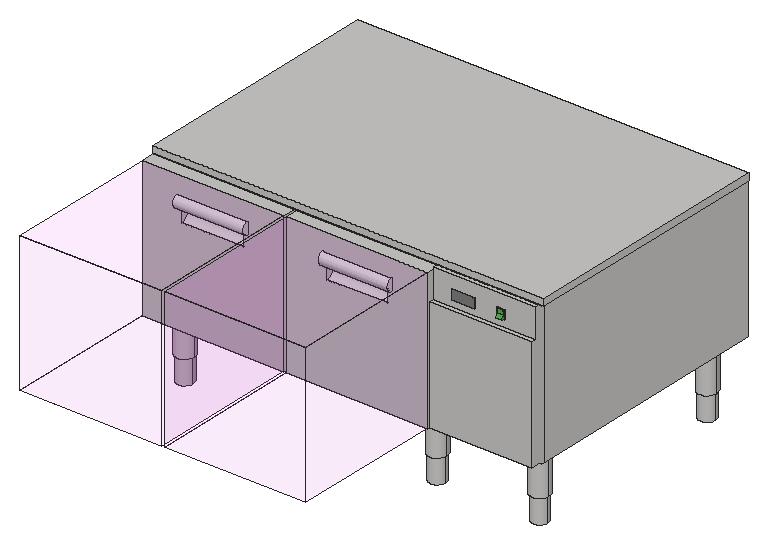
Revit family "QF_ZANUSSI_392602_Z9TTAECOMIN", category Specialty Equipment, Revit 2021
Family settings
  Round Connector Dimension = Use Diameter
  Part Type = Normal
  Work Plane-Based = No
  Always vertical = Yes
  Cut with Voids When Loaded = No
  Shared = No
  Room Calculation Point = No
Parameters (values of type "Standard")
  Weight = 114.00 kg
  Watts = 0 W
  Volts = 220 V
  URL Manufacturer = "http://www.zanussiprofessional.com"
  URL = "http://www.zanussiprofessional.com"
  Steam Supply Size = 0 mm
  Steam Supply Minimum Pressure = 0.0 Pa
  Steam Supply Maximum Pressure = 0.0 Pa
  Steam Pounds per Hour = 0
  Show Clearance [instance] = yes
  Refrigeration Suction Line Size = 0 mm
  Refrigeration Liquid Line Size = 0 mm
  Refrigerant Compressor Remote = yes
  Manufacturer = "Zanussi"
  Phase = 1
  Model = "Z9TTAECOMIN"
  Length Actual = 1200 mm
  Item Number = "392602"
  Hot Water Size = 0 mm
  Height Actual = 600 mm
  HP = "0.6 HP"
  Gas Size = 0 mm
  Gas KW = 0
  Gas Input Pressure = 0 W
  Direct Waste Size = 0 mm
  Description = "REFRIGERATED BASE WITH 2 DRAWERS 1200MM - R290"
  Depth Actual = 830 mm
  Default Elevation = 0 mm
  Cycle = 50 Hz
  Condensate Return Size = 0 mm
  Compressed Air Volume = 0.0 L/s
  Compressed Air Size = 0 mm
  Compressed Air Pressure = 0.0 Pa
  Cold Water Size = 0 mm
  Accessory = no
Reference planes
  plane 1 "Center X": y = 0.45
  plane 2: z = 0
  plane 3 "Centro (Sinistra/Destra)": x = 0
  plane 4: y = -315.05
  plane 5: y = 326.95
  plane 6 "BACK": y = 414.95
  plane 7 "FRONT": y = -414.05
  plane 8: y = -881.83
  plane 9: x = -544
  plane 10: x = 544
  plane 11: y = -369.551
  plane 12: x = 230
  plane 13: z = 200
  plane 14 "TOP": z = 630
  plane 15 "LEFT": x = -600
  plane 16 "RIGHT": x = 600
Forms (mm)
  Extrusion 1, solid, material "QF_Finishes_Stainless Steel"
    sketch origin (-1022.223, -1524, 200) x (-1, 0, 0) y (0, -1, 0)
      loop
        line (-423.223, -1938.95) -> (-423.223, -1154.449) -> (-1621.223, -1154.449) -> (-1621.223, -1938.95) -> (-423.223, -1938.95)
    from 0 to 430
  Extrusion 2, solid, material "QF_Finishes_Stainless Steel"
    sketch origin (599, 0, 0) x (0, 1, 0) y (0, 0, 1)
      loop
        line (-369.551, 629.527) -> (-386.314, 640.994) -> (-397.65, 640.994) -> (-397.65, 549.796) -> (-414.05, 549.796) -> (-414.05, 204.796) -> (-384.714, 204.796) -> (-374.993, 200) -> (-369.551, 200) -> (-369.551, 629.527)
    from 0 to -313
  Extrusion 3, solid, material "QF_Finishes_Black"
    sketch origin (567.8, -397.65, 630.994) x (0, 0, -1) y (1, 0, 0)
      loop
        line (32.198, -86.899) -> (61.199, -86.899) -> (61.199, -64.9) -> (32.198, -64.9) -> (32.198, -86.899)
    from 0 to 1.6
  Extrusion 4, solid, material "QF_Finishes_Grey"
    sketch origin (589, -397.65, 630.994) x (0, 0, -1) y (1, 0, 0)
      loop
        line (32.198, -248.099) -> (61.199, -248.099) -> (61.199, -178.099) -> (32.198, -178.099) -> (32.198, -248.099)
    from 0 to 1.6
  Extrusion 5, solid, material "QF_Finishes_Green"
    sketch origin (502.9, -397.65, 598.796) x (0, 0, -1) y (0, 1, 0)
      loop
        line (2.279, -3.281) -> (14.5, -3.281) -> (25.308, -8.985)
        arc (25.308, -8.985) -> (26.537, -5.394) -> (26.605, -1.6) r 12.221
        line (26.605, -1.6) -> (2.395, -1.6)
        arc (2.395, -1.6) -> (2.308, -2.439) -> (2.279, -3.281) r 12.221
    from -20 to -2
  Extrusion 6, solid, material "QF_Finishes_Stainless Steel"
    sketch origin (-1022.223, -1524, 200) x (-1, 0, 0) y (0, -1, 0)
      loop
        circle (-1581.223, -1748.95) r 12
    from -10 to 0
  Extrusion 7, solid, material "QF_Finishes_Stainless Steel"
    sketch origin (-599, 0, -5) x (0, 1, 0) y (0, 0, 1)
      loop
        line (-369.551, 635) -> (414.95, 635) -> (414.95, 655) -> (-369.551, 655) -> (-369.551, 635)
    from 1198 to 0
  Extrusion 8, solid, material "QF_Finishes_Handrails and Railings"
    sketch origin (-394.028, -157.946, 1924.198) x (0, 0.885087, 0.465426) y (0, -0.465426, 0.885087)
      loop
        arc (-854.629, -1074.965) -> (-878.641, -1082.427) -> (-871.18, -1106.439) r 17.78
        line (-871.18, -1106.439) -> (-854.629, -1074.965)
    from -93.472 to 121.528
  Extrusion 9, solid, material "QF_Finishes_Stainless Steel"
    sketch origin (-594.053, 285.95, 14.715) x (0, 1, 0) y (0, 0, 1)
      loop
        line (-700, 486.991) -> (-660.001, 486.991) -> (-660.001, 530.285) -> (-678.147, 530.285) -> (-678.147, 511.464)
        arc (-678.147, 511.464) -> (-684.405, 495.059) -> (-700, 486.991) r 24.63
    from 118.753 to 309.354
  Extrusion 10, solid, material "QF_Finishes_Handrails and Railings"
    sketch origin (47.972, -157.946, 1924.198) x (0, 0.885087, 0.465426) y (0, -0.465426, 0.885087)
      loop
        arc (-854.629, -1074.965) -> (-878.641, -1082.427) -> (-871.18, -1106.439) r 17.78
        line (-871.18, -1106.439) -> (-854.629, -1074.965)
    from -89.472 to 121.528
  Extrusion 11, solid, material "QF_Finishes_Stainless Steel"
    sketch origin (-152.053, 285.95, 14.715) x (0, 1, 0) y (0, 0, 1)
      loop
        line (-700, 486.991) -> (-660.001, 486.991) -> (-660.001, 530.285) -> (-678.147, 530.285) -> (-678.147, 511.464)
        arc (-678.147, 511.464) -> (-684.405, 495.059) -> (-700, 486.991) r 24.63
    from 122.753 to 309.354
  Extrusion 12, solid, material "QF_Door-Drawer Clearances", visible <- "Show Clearance"
    sketch origin (200, -414.05, 0) x (1, 0, 0) y (0, 0, 1)
      loop
        line (-795, 629.2) -> (-795, 201.587) -> (-360.999, 201.587) -> (-360.999, 629.2) -> (-795, 629.2)
      loop
        line (-353, 629.2) -> (-353, 201.587) -> (81, 201.587) -> (81, 629.2) -> (-353, 629.2)
    from 0 to 467.78
  Extrusion 13, solid, material "QF_Finishes_Stainless Steel"
    sketch origin (0, -414.05, 0) x (-1, 0, 0) y (0, 0, 1)
      loop
        line (595, 629.2) -> (160.999, 629.2) -> (160.999, 201.587) -> (595, 201.587) -> (595, 629.2)
      loop
        line (153, 629.2) -> (-281, 629.2) -> (-281, 201.587) -> (153, 201.587) -> (153, 629.2)
      loop
        line (475.3, 501.706) -> (475.3, 545) -> (284.699, 545) -> (284.699, 501.706) -> (475.3, 501.706)
      loop
        line (29.3, 501.706) -> (29.3, 545) -> (-157.301, 545) -> (-157.301, 501.706) -> (29.3, 501.706)
    from 0 to 40
Lines and regions (mm)
  Split face 1
    outline origin (589, -399.25, 630.994) x (0, 0, -1) y (1, 0, 0)
      loop
        line (37.198, -238.099) -> (52.198, -238.099) -> (52.198, -188.099) -> (37.198, -188.099) -> (37.198, -238.099)
  Split face 2
    outline origin (589, -399.25, 630.994) x (0, 0, -1) y (1, 0, 0)
      loop
        line (59.151, -238.099) -> (59.151, -227.099) -> (54.151, -227.099) -> (54.151, -238.099) -> (59.151, -238.099)
  Split face 3
    outline origin (589, -399.25, 630.994) x (0, 0, -1) y (1, 0, 0)
      loop
        line (54.151, -225.099) -> (59.151, -225.099) -> (59.151, -214.099) -> (54.151, -214.099) -> (54.151, -225.099)
  Split face 4
    outline origin (602, -399.25, 630.994) x (0, 0, -1) y (1, 0, 0)
      loop
        line (54.151, -225.099) -> (59.151, -225.099) -> (59.151, -214.099) -> (54.151, -214.099) -> (54.151, -225.099)
  Split face 5
    outline origin (615, -399.25, 630.994) x (0, 0, -1) y (1, 0, 0)
      loop
        line (54.151, -225.099) -> (59.151, -225.099) -> (59.151, -214.099) -> (54.151, -214.099) -> (54.151, -225.099)
  Split face 6
    outline origin (296, -414.05, 713.499) x (1, 0, 0) y (0, 0, 1)
      loop
        arc (52.48, -282.599) -> (56.5, -278.61) -> (52.5, -274.599) r 4
        line (52.5, -274.599) -> (20.5, -274.599)
        arc (20.5, -274.599) -> (16.5, -278.61) -> (20.521, -282.599) r 4
        line (20.521, -282.599) -> (52.48, -282.599)
  Split face 7
    outline origin (296, -414.05, 725.499) x (1, 0, 0) y (0, 0, 1)
      loop
        arc (52.48, -282.599) -> (56.5, -278.61) -> (52.5, -274.599) r 4
        line (52.5, -274.599) -> (20.5, -274.599)
        arc (20.5, -274.599) -> (16.5, -278.61) -> (20.521, -282.599) r 4
        line (20.521, -282.599) -> (52.48, -282.599)
  Split face 8
    outline origin (296, -414.05, 737.499) x (1, 0, 0) y (0, 0, 1)
      loop
        arc (52.48, -282.599) -> (56.5, -278.61) -> (52.5, -274.599) r 4
        line (52.5, -274.599) -> (20.5, -274.599)
        arc (20.5, -274.599) -> (16.5, -278.61) -> (20.521, -282.599) r 4
        line (20.521, -282.599) -> (52.48, -282.599)
  Split face 9
    outline origin (296, -414.05, 749.396) x (1, 0, 0) y (0, 0, 1)
      loop
        arc (52.48, -282.599) -> (56.5, -278.61) -> (52.5, -274.599) r 4
        line (52.5, -274.599) -> (20.5, -274.599)
        arc (20.5, -274.599) -> (16.5, -278.61) -> (20.521, -282.599) r 4
        line (20.521, -282.599) -> (52.48, -282.599)
  Split face 10
    outline origin (296, -414.05, 761.395) x (1, 0, 0) y (0, 0, 1)
      loop
        arc (52.48, -282.599) -> (56.5, -278.61) -> (52.5, -274.599) r 4
        line (52.5, -274.599) -> (20.5, -274.599)
        arc (20.5, -274.599) -> (16.5, -278.61) -> (20.521, -282.599) r 4
        line (20.521, -282.599) -> (52.48, -282.599)
  Split face 11
    outline origin (296, -414.05, 773.395) x (1, 0, 0) y (0, 0, 1)
      loop
        arc (52.48, -282.599) -> (56.5, -278.61) -> (52.5, -274.599) r 4
        line (52.5, -274.599) -> (20.5, -274.599)
        arc (20.5, -274.599) -> (16.5, -278.61) -> (20.521, -282.599) r 4
        line (20.521, -282.599) -> (52.48, -282.599)
  Split face 12
    outline origin (296, -414.05, 785.395) x (1, 0, 0) y (0, 0, 1)
      loop
        arc (52.48, -282.599) -> (56.5, -278.61) -> (52.5, -274.599) r 4
        line (52.5, -274.599) -> (20.5, -274.599)
        arc (20.5, -274.599) -> (16.5, -278.61) -> (20.521, -282.599) r 4
        line (20.521, -282.599) -> (52.48, -282.599)
  Split face 13
    outline origin (296, -414.05, 797.395) x (1, 0, 0) y (0, 0, 1)
      loop
        arc (52.48, -282.599) -> (56.5, -278.61) -> (52.5, -274.599) r 4
        line (52.5, -274.599) -> (20.5, -274.599)
        arc (20.5, -274.599) -> (16.5, -278.61) -> (20.521, -282.599) r 4
        line (20.521, -282.599) -> (52.48, -282.599)
  Split face 14
    outline origin (296, -414.05, 809.395) x (1, 0, 0) y (0, 0, 1)
      loop
        arc (52.48, -282.599) -> (56.5, -278.61) -> (52.5, -274.599) r 4
        line (52.5, -274.599) -> (20.5, -274.599)
        arc (20.5, -274.599) -> (16.5, -278.61) -> (20.521, -282.599) r 4
        line (20.521, -282.599) -> (52.48, -282.599)
  Split face 15
    outline origin (296, -414.05, 701.499) x (1, 0, 0) y (0, 0, 1)
      loop
        arc (52.48, -282.599) -> (56.5, -278.61) -> (52.5, -274.599) r 4
        line (52.5, -274.599) -> (20.5, -274.599)
        arc (20.5, -274.599) -> (16.5, -278.61) -> (20.521, -282.599) r 4
        line (20.521, -282.599) -> (52.48, -282.599)
  Split face 16
    outline origin (296, -414.05, 605.603) x (1, 0, 0) y (0, 0, 1)
      loop
        arc (52.48, -282.599) -> (56.5, -278.61) -> (52.5, -274.599) r 4
        line (52.5, -274.599) -> (20.5, -274.599)
        arc (20.5, -274.599) -> (16.5, -278.61) -> (20.521, -282.599) r 4
        line (20.521, -282.599) -> (52.48, -282.599)
  Split face 17
    outline origin (296, -414.05, 617.603) x (1, 0, 0) y (0, 0, 1)
      loop
        arc (52.48, -282.599) -> (56.5, -278.61) -> (52.5, -274.599) r 4
        line (52.5, -274.599) -> (20.5, -274.599)
        arc (20.5, -274.599) -> (16.5, -278.61) -> (20.521, -282.599) r 4
        line (20.521, -282.599) -> (52.48, -282.599)
  Split face 18
    outline origin (296, -414.05, 629.602) x (1, 0, 0) y (0, 0, 1)
      loop
        arc (52.48, -282.599) -> (56.5, -278.61) -> (52.5, -274.599) r 4
        line (52.5, -274.599) -> (20.5, -274.599)
        arc (20.5, -274.599) -> (16.5, -278.61) -> (20.521, -282.599) r 4
        line (20.521, -282.599) -> (52.48, -282.599)
  Split face 19
    outline origin (296, -414.05, 677.499) x (1, 0, 0) y (0, 0, 1)
      loop
        arc (52.48, -282.599) -> (56.5, -278.61) -> (52.5, -274.599) r 4
        line (52.5, -274.599) -> (20.5, -274.599)
        arc (20.5, -274.599) -> (16.5, -278.61) -> (20.521, -282.599) r 4
        line (20.521, -282.599) -> (52.48, -282.599)
  Split face 20
    outline origin (296, -414.05, 689.499) x (1, 0, 0) y (0, 0, 1)
      loop
        arc (52.48, -282.599) -> (56.5, -278.61) -> (52.5, -274.599) r 4
        line (52.5, -274.599) -> (20.5, -274.599)
        arc (20.5, -274.599) -> (16.5, -278.61) -> (20.521, -282.599) r 4
        line (20.521, -282.599) -> (52.48, -282.599)
  Split face 21
    outline origin (296, -414.05, 593.603) x (1, 0, 0) y (0, 0, 1)
      loop
        arc (52.48, -282.599) -> (56.5, -278.61) -> (52.5, -274.599) r 4
        line (52.5, -274.599) -> (20.5, -274.599)
        arc (20.5, -274.599) -> (16.5, -278.61) -> (20.521, -282.599) r 4
        line (20.521, -282.599) -> (52.48, -282.599)
  Split face 22
    outline origin (296, -414.05, 497.707) x (1, 0, 0) y (0, 0, 1)
      loop
        arc (52.48, -282.599) -> (56.5, -278.61) -> (52.5, -274.599) r 4
        line (52.5, -274.599) -> (20.5, -274.599)
        arc (20.5, -274.599) -> (16.5, -278.61) -> (20.521, -282.599) r 4
        line (20.521, -282.599) -> (52.48, -282.599)
  Split face 23
    outline origin (296, -414.05, 509.707) x (1, 0, 0) y (0, 0, 1)
      loop
        arc (52.48, -282.599) -> (56.5, -278.61) -> (52.5, -274.599) r 4
        line (52.5, -274.599) -> (20.5, -274.599)
        arc (20.5, -274.599) -> (16.5, -278.61) -> (20.521, -282.599) r 4
        line (20.521, -282.599) -> (52.48, -282.599)
  Split face 24
    outline origin (296, -414.05, 521.706) x (1, 0, 0) y (0, 0, 1)
      loop
        arc (52.48, -282.599) -> (56.5, -278.61) -> (52.5, -274.599) r 4
        line (52.5, -274.599) -> (20.5, -274.599)
        arc (20.5, -274.599) -> (16.5, -278.61) -> (20.521, -282.599) r 4
        line (20.521, -282.599) -> (52.48, -282.599)
  Split face 25
    outline origin (296, -414.05, 533.604) x (1, 0, 0) y (0, 0, 1)
      loop
        arc (52.48, -282.599) -> (56.5, -278.61) -> (52.5, -274.599) r 4
        line (52.5, -274.599) -> (20.5, -274.599)
        arc (20.5, -274.599) -> (16.5, -278.61) -> (20.521, -282.599) r 4
        line (20.521, -282.599) -> (52.48, -282.599)
  Split face 26
    outline origin (296, -414.05, 545.603) x (1, 0, 0) y (0, 0, 1)
      loop
        arc (52.48, -282.599) -> (56.5, -278.61) -> (52.5, -274.599) r 4
        line (52.5, -274.599) -> (20.5, -274.599)
        arc (20.5, -274.599) -> (16.5, -278.61) -> (20.521, -282.599) r 4
        line (20.521, -282.599) -> (52.48, -282.599)
  Split face 27
    outline origin (296, -414.05, 557.603) x (1, 0, 0) y (0, 0, 1)
      loop
        arc (52.48, -282.599) -> (56.5, -278.61) -> (52.5, -274.599) r 4
        line (52.5, -274.599) -> (20.5, -274.599)
        arc (20.5, -274.599) -> (16.5, -278.61) -> (20.521, -282.599) r 4
        line (20.521, -282.599) -> (52.48, -282.599)
  Split face 28
    outline origin (296, -414.05, 569.603) x (1, 0, 0) y (0, 0, 1)
      loop
        arc (52.48, -282.599) -> (56.5, -278.61) -> (52.5, -274.599) r 4
        line (52.5, -274.599) -> (20.5, -274.599)
        arc (20.5, -274.599) -> (16.5, -278.61) -> (20.521, -282.599) r 4
        line (20.521, -282.599) -> (52.48, -282.599)
  Split face 29
    outline origin (296, -414.05, 581.603) x (1, 0, 0) y (0, 0, 1)
      loop
        arc (52.48, -282.599) -> (56.5, -278.61) -> (52.5, -274.599) r 4
        line (52.5, -274.599) -> (20.5, -274.599)
        arc (20.5, -274.599) -> (16.5, -278.61) -> (20.521, -282.599) r 4
        line (20.521, -282.599) -> (52.48, -282.599)
  Split face 30
    outline origin (351, -414.05, 713.499) x (1, 0, 0) y (0, 0, 1)
      loop
        arc (52.48, -282.599) -> (56.5, -278.61) -> (52.5, -274.599) r 4
        line (52.5, -274.599) -> (20.5, -274.599)
        arc (20.5, -274.599) -> (16.5, -278.61) -> (20.521, -282.599) r 4
        line (20.521, -282.599) -> (52.48, -282.599)
  Split face 31
    outline origin (351, -414.05, 725.499) x (1, 0, 0) y (0, 0, 1)
      loop
        arc (52.48, -282.599) -> (56.5, -278.61) -> (52.5, -274.599) r 4
        line (52.5, -274.599) -> (20.5, -274.599)
        arc (20.5, -274.599) -> (16.5, -278.61) -> (20.521, -282.599) r 4
        line (20.521, -282.599) -> (52.48, -282.599)
  Split face 32
    outline origin (351, -414.05, 737.499) x (1, 0, 0) y (0, 0, 1)
      loop
        arc (52.48, -282.599) -> (56.5, -278.61) -> (52.5, -274.599) r 4
        line (52.5, -274.599) -> (20.5, -274.599)
        arc (20.5, -274.599) -> (16.5, -278.61) -> (20.521, -282.599) r 4
        line (20.521, -282.599) -> (52.48, -282.599)
  Split face 33
    outline origin (351, -414.05, 749.396) x (1, 0, 0) y (0, 0, 1)
      loop
        arc (52.48, -282.599) -> (56.5, -278.61) -> (52.5, -274.599) r 4
        line (52.5, -274.599) -> (20.5, -274.599)
        arc (20.5, -274.599) -> (16.5, -278.61) -> (20.521, -282.599) r 4
        line (20.521, -282.599) -> (52.48, -282.599)
  Split face 34
    outline origin (351, -414.05, 761.395) x (1, 0, 0) y (0, 0, 1)
      loop
        arc (52.48, -282.599) -> (56.5, -278.61) -> (52.5, -274.599) r 4
        line (52.5, -274.599) -> (20.5, -274.599)
        arc (20.5, -274.599) -> (16.5, -278.61) -> (20.521, -282.599) r 4
        line (20.521, -282.599) -> (52.48, -282.599)
  Split face 35
    outline origin (351, -414.05, 773.395) x (1, 0, 0) y (0, 0, 1)
      loop
        arc (52.48, -282.599) -> (56.5, -278.61) -> (52.5, -274.599) r 4
        line (52.5, -274.599) -> (20.5, -274.599)
        arc (20.5, -274.599) -> (16.5, -278.61) -> (20.521, -282.599) r 4
        line (20.521, -282.599) -> (52.48, -282.599)
  Split face 36
    outline origin (351, -414.05, 785.395) x (1, 0, 0) y (0, 0, 1)
      loop
        arc (52.48, -282.599) -> (56.5, -278.61) -> (52.5, -274.599) r 4
        line (52.5, -274.599) -> (20.5, -274.599)
        arc (20.5, -274.599) -> (16.5, -278.61) -> (20.521, -282.599) r 4
        line (20.521, -282.599) -> (52.48, -282.599)
  Split face 37
    outline origin (351, -414.05, 797.395) x (1, 0, 0) y (0, 0, 1)
      loop
        arc (52.48, -282.599) -> (56.5, -278.61) -> (52.5, -274.599) r 4
        line (52.5, -274.599) -> (20.5, -274.599)
        arc (20.5, -274.599) -> (16.5, -278.61) -> (20.521, -282.599) r 4
        line (20.521, -282.599) -> (52.48, -282.599)
  Split face 38
    outline origin (351, -414.05, 809.395) x (1, 0, 0) y (0, 0, 1)
      loop
        arc (52.48, -282.599) -> (56.5, -278.61) -> (52.5, -274.599) r 4
        line (52.5, -274.599) -> (20.5, -274.599)
        arc (20.5, -274.599) -> (16.5, -278.61) -> (20.521, -282.599) r 4
        line (20.521, -282.599) -> (52.48, -282.599)
  Split face 39
    outline origin (351, -414.05, 701.499) x (1, 0, 0) y (0, 0, 1)
      loop
        arc (52.48, -282.599) -> (56.5, -278.61) -> (52.5, -274.599) r 4
        line (52.5, -274.599) -> (20.5, -274.599)
        arc (20.5, -274.599) -> (16.5, -278.61) -> (20.521, -282.599) r 4
        line (20.521, -282.599) -> (52.48, -282.599)
  Split face 40
    outline origin (351, -414.05, 605.603) x (1, 0, 0) y (0, 0, 1)
      loop
        arc (52.48, -282.599) -> (56.5, -278.61) -> (52.5, -274.599) r 4
        line (52.5, -274.599) -> (20.5, -274.599)
        arc (20.5, -274.599) -> (16.5, -278.61) -> (20.521, -282.599) r 4
        line (20.521, -282.599) -> (52.48, -282.599)
  Split face 41
    outline origin (351, -414.05, 617.603) x (1, 0, 0) y (0, 0, 1)
      loop
        arc (52.48, -282.599) -> (56.5, -278.61) -> (52.5, -274.599) r 4
        line (52.5, -274.599) -> (20.5, -274.599)
        arc (20.5, -274.599) -> (16.5, -278.61) -> (20.521, -282.599) r 4
        line (20.521, -282.599) -> (52.48, -282.599)
  Split face 42
    outline origin (351, -414.05, 629.602) x (1, 0, 0) y (0, 0, 1)
      loop
        arc (52.48, -282.599) -> (56.5, -278.61) -> (52.5, -274.599) r 4
        line (52.5, -274.599) -> (20.5, -274.599)
        arc (20.5, -274.599) -> (16.5, -278.61) -> (20.521, -282.599) r 4
        line (20.521, -282.599) -> (52.48, -282.599)
  Split face 43
    outline origin (351, -414.05, 677.499) x (1, 0, 0) y (0, 0, 1)
      loop
        arc (52.48, -282.599) -> (56.5, -278.61) -> (52.5, -274.599) r 4
        line (52.5, -274.599) -> (20.5, -274.599)
        arc (20.5, -274.599) -> (16.5, -278.61) -> (20.521, -282.599) r 4
        line (20.521, -282.599) -> (52.48, -282.599)
  Split face 44
    outline origin (351, -414.05, 689.499) x (1, 0, 0) y (0, 0, 1)
      loop
        arc (52.48, -282.599) -> (56.5, -278.61) -> (52.5, -274.599) r 4
        line (52.5, -274.599) -> (20.5, -274.599)
        arc (20.5, -274.599) -> (16.5, -278.61) -> (20.521, -282.599) r 4
        line (20.521, -282.599) -> (52.48, -282.599)
  Split face 45
    outline origin (351, -414.05, 593.603) x (1, 0, 0) y (0, 0, 1)
      loop
        arc (52.48, -282.599) -> (56.5, -278.61) -> (52.5, -274.599) r 4
        line (52.5, -274.599) -> (20.5, -274.599)
        arc (20.5, -274.599) -> (16.5, -278.61) -> (20.521, -282.599) r 4
        line (20.521, -282.599) -> (52.48, -282.599)
  Split face 46
    outline origin (351, -414.05, 497.707) x (1, 0, 0) y (0, 0, 1)
      loop
        arc (52.48, -282.599) -> (56.5, -278.61) -> (52.5, -274.599) r 4
        line (52.5, -274.599) -> (20.5, -274.599)
        arc (20.5, -274.599) -> (16.5, -278.61) -> (20.521, -282.599) r 4
        line (20.521, -282.599) -> (52.48, -282.599)
  Split face 47
    outline origin (351, -414.05, 509.707) x (1, 0, 0) y (0, 0, 1)
      loop
        arc (52.48, -282.599) -> (56.5, -278.61) -> (52.5, -274.599) r 4
        line (52.5, -274.599) -> (20.5, -274.599)
        arc (20.5, -274.599) -> (16.5, -278.61) -> (20.521, -282.599) r 4
        line (20.521, -282.599) -> (52.48, -282.599)
  Split face 48
    outline origin (351, -414.05, 521.706) x (1, 0, 0) y (0, 0, 1)
      loop
        arc (52.48, -282.599) -> (56.5, -278.61) -> (52.5, -274.599) r 4
        line (52.5, -274.599) -> (20.5, -274.599)
        arc (20.5, -274.599) -> (16.5, -278.61) -> (20.521, -282.599) r 4
        line (20.521, -282.599) -> (52.48, -282.599)
  Split face 49
    outline origin (351, -414.05, 533.604) x (1, 0, 0) y (0, 0, 1)
      loop
        arc (52.48, -282.599) -> (56.5, -278.61) -> (52.5, -274.599) r 4
        line (52.5, -274.599) -> (20.5, -274.599)
        arc (20.5, -274.599) -> (16.5, -278.61) -> (20.521, -282.599) r 4
        line (20.521, -282.599) -> (52.48, -282.599)
  Split face 50
    outline origin (351, -414.05, 545.603) x (1, 0, 0) y (0, 0, 1)
      loop
        arc (52.48, -282.599) -> (56.5, -278.61) -> (52.5, -274.599) r 4
        line (52.5, -274.599) -> (20.5, -274.599)
        arc (20.5, -274.599) -> (16.5, -278.61) -> (20.521, -282.599) r 4
        line (20.521, -282.599) -> (52.48, -282.599)
  Split face 51
    outline origin (351, -414.05, 557.603) x (1, 0, 0) y (0, 0, 1)
      loop
        arc (52.48, -282.599) -> (56.5, -278.61) -> (52.5, -274.599) r 4
        line (52.5, -274.599) -> (20.5, -274.599)
        arc (20.5, -274.599) -> (16.5, -278.61) -> (20.521, -282.599) r 4
        line (20.521, -282.599) -> (52.48, -282.599)
  Split face 52
    outline origin (351, -414.05, 569.603) x (1, 0, 0) y (0, 0, 1)
      loop
        arc (52.48, -282.599) -> (56.5, -278.61) -> (52.5, -274.599) r 4
        line (52.5, -274.599) -> (20.5, -274.599)
        arc (20.5, -274.599) -> (16.5, -278.61) -> (20.521, -282.599) r 4
        line (20.521, -282.599) -> (52.48, -282.599)
  Split face 53
    outline origin (351, -414.05, 581.603) x (1, 0, 0) y (0, 0, 1)
      loop
        arc (52.48, -282.599) -> (56.5, -278.61) -> (52.5, -274.599) r 4
        line (52.5, -274.599) -> (20.5, -274.599)
        arc (20.5, -274.599) -> (16.5, -278.61) -> (20.521, -282.599) r 4
        line (20.521, -282.599) -> (52.48, -282.599)
  Split face 54
    outline origin (406, -414.05, 713.499) x (1, 0, 0) y (0, 0, 1)
      loop
        arc (52.48, -282.599) -> (56.5, -278.61) -> (52.5, -274.599) r 4
        line (52.5, -274.599) -> (20.5, -274.599)
        arc (20.5, -274.599) -> (16.5, -278.61) -> (20.521, -282.599) r 4
        line (20.521, -282.599) -> (52.48, -282.599)
  Split face 55
    outline origin (406, -414.05, 725.499) x (1, 0, 0) y (0, 0, 1)
      loop
        arc (52.48, -282.599) -> (56.5, -278.61) -> (52.5, -274.599) r 4
        line (52.5, -274.599) -> (20.5, -274.599)
        arc (20.5, -274.599) -> (16.5, -278.61) -> (20.521, -282.599) r 4
        line (20.521, -282.599) -> (52.48, -282.599)
  Split face 56
    outline origin (406, -414.05, 737.499) x (1, 0, 0) y (0, 0, 1)
      loop
        arc (52.48, -282.599) -> (56.5, -278.61) -> (52.5, -274.599) r 4
        line (52.5, -274.599) -> (20.5, -274.599)
        arc (20.5, -274.599) -> (16.5, -278.61) -> (20.521, -282.599) r 4
        line (20.521, -282.599) -> (52.48, -282.599)
  Split face 57
    outline origin (406, -414.05, 749.396) x (1, 0, 0) y (0, 0, 1)
      loop
        arc (52.48, -282.599) -> (56.5, -278.61) -> (52.5, -274.599) r 4
        line (52.5, -274.599) -> (20.5, -274.599)
        arc (20.5, -274.599) -> (16.5, -278.61) -> (20.521, -282.599) r 4
        line (20.521, -282.599) -> (52.48, -282.599)
  Split face 58
    outline origin (406, -414.05, 761.395) x (1, 0, 0) y (0, 0, 1)
      loop
        arc (52.48, -282.599) -> (56.5, -278.61) -> (52.5, -274.599) r 4
        line (52.5, -274.599) -> (20.5, -274.599)
        arc (20.5, -274.599) -> (16.5, -278.61) -> (20.521, -282.599) r 4
        line (20.521, -282.599) -> (52.48, -282.599)
  Split face 59
    outline origin (406, -414.05, 773.395) x (1, 0, 0) y (0, 0, 1)
      loop
        arc (52.48, -282.599) -> (56.5, -278.61) -> (52.5, -274.599) r 4
        line (52.5, -274.599) -> (20.5, -274.599)
        arc (20.5, -274.599) -> (16.5, -278.61) -> (20.521, -282.599) r 4
        line (20.521, -282.599) -> (52.48, -282.599)
  Split face 60
    outline origin (406, -414.05, 785.395) x (1, 0, 0) y (0, 0, 1)
      loop
        arc (52.48, -282.599) -> (56.5, -278.61) -> (52.5, -274.599) r 4
        line (52.5, -274.599) -> (20.5, -274.599)
        arc (20.5, -274.599) -> (16.5, -278.61) -> (20.521, -282.599) r 4
        line (20.521, -282.599) -> (52.48, -282.599)
  Split face 61
    outline origin (406, -414.05, 797.395) x (1, 0, 0) y (0, 0, 1)
      loop
        arc (52.48, -282.599) -> (56.5, -278.61) -> (52.5, -274.599) r 4
        line (52.5, -274.599) -> (20.5, -274.599)
        arc (20.5, -274.599) -> (16.5, -278.61) -> (20.521, -282.599) r 4
        line (20.521, -282.599) -> (52.48, -282.599)
  Split face 62
    outline origin (406, -414.05, 809.395) x (1, 0, 0) y (0, 0, 1)
      loop
        arc (52.48, -282.599) -> (56.5, -278.61) -> (52.5, -274.599) r 4
        line (52.5, -274.599) -> (20.5, -274.599)
        arc (20.5, -274.599) -> (16.5, -278.61) -> (20.521, -282.599) r 4
        line (20.521, -282.599) -> (52.48, -282.599)
  Split face 63
    outline origin (406, -414.05, 701.499) x (1, 0, 0) y (0, 0, 1)
      loop
        arc (52.48, -282.599) -> (56.5, -278.61) -> (52.5, -274.599) r 4
        line (52.5, -274.599) -> (20.5, -274.599)
        arc (20.5, -274.599) -> (16.5, -278.61) -> (20.521, -282.599) r 4
        line (20.521, -282.599) -> (52.48, -282.599)
  Split face 64
    outline origin (406, -414.05, 605.603) x (1, 0, 0) y (0, 0, 1)
      loop
        arc (52.48, -282.599) -> (56.5, -278.61) -> (52.5, -274.599) r 4
        line (52.5, -274.599) -> (20.5, -274.599)
        arc (20.5, -274.599) -> (16.5, -278.61) -> (20.521, -282.599) r 4
        line (20.521, -282.599) -> (52.48, -282.599)
  Split face 65
    outline origin (406, -414.05, 617.603) x (1, 0, 0) y (0, 0, 1)
      loop
        arc (52.48, -282.599) -> (56.5, -278.61) -> (52.5, -274.599) r 4
        line (52.5, -274.599) -> (20.5, -274.599)
        arc (20.5, -274.599) -> (16.5, -278.61) -> (20.521, -282.599) r 4
        line (20.521, -282.599) -> (52.48, -282.599)
  Split face 66
    outline origin (406, -414.05, 629.602) x (1, 0, 0) y (0, 0, 1)
      loop
        arc (52.48, -282.599) -> (56.5, -278.61) -> (52.5, -274.599) r 4
        line (52.5, -274.599) -> (20.5, -274.599)
        arc (20.5, -274.599) -> (16.5, -278.61) -> (20.521, -282.599) r 4
        line (20.521, -282.599) -> (52.48, -282.599)
  Split face 67
    outline origin (406, -414.05, 677.499) x (1, 0, 0) y (0, 0, 1)
      loop
        arc (52.48, -282.599) -> (56.5, -278.61) -> (52.5, -274.599) r 4
        line (52.5, -274.599) -> (20.5, -274.599)
        arc (20.5, -274.599) -> (16.5, -278.61) -> (20.521, -282.599) r 4
        line (20.521, -282.599) -> (52.48, -282.599)
  Split face 68
    outline origin (406, -414.05, 689.499) x (1, 0, 0) y (0, 0, 1)
      loop
        arc (52.48, -282.599) -> (56.5, -278.61) -> (52.5, -274.599) r 4
        line (52.5, -274.599) -> (20.5, -274.599)
        arc (20.5, -274.599) -> (16.5, -278.61) -> (20.521, -282.599) r 4
        line (20.521, -282.599) -> (52.48, -282.599)
  Split face 69
    outline origin (406, -414.05, 593.603) x (1, 0, 0) y (0, 0, 1)
      loop
        arc (52.48, -282.599) -> (56.5, -278.61) -> (52.5, -274.599) r 4
        line (52.5, -274.599) -> (20.5, -274.599)
        arc (20.5, -274.599) -> (16.5, -278.61) -> (20.521, -282.599) r 4
        line (20.521, -282.599) -> (52.48, -282.599)
  Split face 70
    outline origin (406, -414.05, 497.707) x (1, 0, 0) y (0, 0, 1)
      loop
        arc (52.48, -282.599) -> (56.5, -278.61) -> (52.5, -274.599) r 4
        line (52.5, -274.599) -> (20.5, -274.599)
        arc (20.5, -274.599) -> (16.5, -278.61) -> (20.521, -282.599) r 4
        line (20.521, -282.599) -> (52.48, -282.599)
  Split face 71
    outline origin (406, -414.05, 509.707) x (1, 0, 0) y (0, 0, 1)
      loop
        arc (52.48, -282.599) -> (56.5, -278.61) -> (52.5, -274.599) r 4
        line (52.5, -274.599) -> (20.5, -274.599)
        arc (20.5, -274.599) -> (16.5, -278.61) -> (20.521, -282.599) r 4
        line (20.521, -282.599) -> (52.48, -282.599)
  Split face 72
    outline origin (406, -414.05, 521.706) x (1, 0, 0) y (0, 0, 1)
      loop
        arc (52.48, -282.599) -> (56.5, -278.61) -> (52.5, -274.599) r 4
        line (52.5, -274.599) -> (20.5, -274.599)
        arc (20.5, -274.599) -> (16.5, -278.61) -> (20.521, -282.599) r 4
        line (20.521, -282.599) -> (52.48, -282.599)
  Split face 73
    outline origin (406, -414.05, 533.604) x (1, 0, 0) y (0, 0, 1)
      loop
        arc (52.48, -282.599) -> (56.5, -278.61) -> (52.5, -274.599) r 4
        line (52.5, -274.599) -> (20.5, -274.599)
        arc (20.5, -274.599) -> (16.5, -278.61) -> (20.521, -282.599) r 4
        line (20.521, -282.599) -> (52.48, -282.599)
  Split face 74
    outline origin (406, -414.05, 545.603) x (1, 0, 0) y (0, 0, 1)
      loop
        arc (52.48, -282.599) -> (56.5, -278.61) -> (52.5, -274.599) r 4
        line (52.5, -274.599) -> (20.5, -274.599)
        arc (20.5, -274.599) -> (16.5, -278.61) -> (20.521, -282.599) r 4
        line (20.521, -282.599) -> (52.48, -282.599)
  Split face 75
    outline origin (406, -414.05, 557.603) x (1, 0, 0) y (0, 0, 1)
      loop
        arc (52.48, -282.599) -> (56.5, -278.61) -> (52.5, -274.599) r 4
        line (52.5, -274.599) -> (20.5, -274.599)
        arc (20.5, -274.599) -> (16.5, -278.61) -> (20.521, -282.599) r 4
        line (20.521, -282.599) -> (52.48, -282.599)
  Split face 76
    outline origin (406, -414.05, 569.603) x (1, 0, 0) y (0, 0, 1)
      loop
        arc (52.48, -282.599) -> (56.5, -278.61) -> (52.5, -274.599) r 4
        line (52.5, -274.599) -> (20.5, -274.599)
        arc (20.5, -274.599) -> (16.5, -278.61) -> (20.521, -282.599) r 4
        line (20.521, -282.599) -> (52.48, -282.599)
  Split face 77
    outline origin (406, -414.05, 581.603) x (1, 0, 0) y (0, 0, 1)
      loop
        arc (52.48, -282.599) -> (56.5, -278.61) -> (52.5, -274.599) r 4
        line (52.5, -274.599) -> (20.5, -274.599)
        arc (20.5, -274.599) -> (16.5, -278.61) -> (20.521, -282.599) r 4
        line (20.521, -282.599) -> (52.48, -282.599)
  Split face 78
    outline origin (461, -414.05, 713.499) x (1, 0, 0) y (0, 0, 1)
      loop
        arc (52.48, -282.599) -> (56.5, -278.61) -> (52.5, -274.599) r 4
        line (52.5, -274.599) -> (20.5, -274.599)
        arc (20.5, -274.599) -> (16.5, -278.61) -> (20.521, -282.599) r 4
        line (20.521, -282.599) -> (52.48, -282.599)
  Split face 79
    outline origin (461, -414.05, 725.499) x (1, 0, 0) y (0, 0, 1)
      loop
        arc (52.48, -282.599) -> (56.5, -278.61) -> (52.5, -274.599) r 4
        line (52.5, -274.599) -> (20.5, -274.599)
        arc (20.5, -274.599) -> (16.5, -278.61) -> (20.521, -282.599) r 4
        line (20.521, -282.599) -> (52.48, -282.599)
  Split face 80
    outline origin (461, -414.05, 737.499) x (1, 0, 0) y (0, 0, 1)
      loop
        arc (52.48, -282.599) -> (56.5, -278.61) -> (52.5, -274.599) r 4
        line (52.5, -274.599) -> (20.5, -274.599)
        arc (20.5, -274.599) -> (16.5, -278.61) -> (20.521, -282.599) r 4
        line (20.521, -282.599) -> (52.48, -282.599)
  Split face 81
    outline origin (461, -414.05, 749.396) x (1, 0, 0) y (0, 0, 1)
      loop
        arc (52.48, -282.599) -> (56.5, -278.61) -> (52.5, -274.599) r 4
        line (52.5, -274.599) -> (20.5, -274.599)
        arc (20.5, -274.599) -> (16.5, -278.61) -> (20.521, -282.599) r 4
        line (20.521, -282.599) -> (52.48, -282.599)
  Split face 82
    outline origin (461, -414.05, 761.395) x (1, 0, 0) y (0, 0, 1)
      loop
        arc (52.48, -282.599) -> (56.5, -278.61) -> (52.5, -274.599) r 4
        line (52.5, -274.599) -> (20.5, -274.599)
        arc (20.5, -274.599) -> (16.5, -278.61) -> (20.521, -282.599) r 4
        line (20.521, -282.599) -> (52.48, -282.599)
  Split face 83
    outline origin (461, -414.05, 773.395) x (1, 0, 0) y (0, 0, 1)
      loop
        arc (52.48, -282.599) -> (56.5, -278.61) -> (52.5, -274.599) r 4
        line (52.5, -274.599) -> (20.5, -274.599)
        arc (20.5, -274.599) -> (16.5, -278.61) -> (20.521, -282.599) r 4
        line (20.521, -282.599) -> (52.48, -282.599)
  Split face 84
    outline origin (461, -414.05, 785.395) x (1, 0, 0) y (0, 0, 1)
      loop
        arc (52.48, -282.599) -> (56.5, -278.61) -> (52.5, -274.599) r 4
        line (52.5, -274.599) -> (20.5, -274.599)
        arc (20.5, -274.599) -> (16.5, -278.61) -> (20.521, -282.599) r 4
        line (20.521, -282.599) -> (52.48, -282.599)
  Split face 85
    outline origin (461, -414.05, 797.395) x (1, 0, 0) y (0, 0, 1)
      loop
        arc (52.48, -282.599) -> (56.5, -278.61) -> (52.5, -274.599) r 4
        line (52.5, -274.599) -> (20.5, -274.599)
        arc (20.5, -274.599) -> (16.5, -278.61) -> (20.521, -282.599) r 4
        line (20.521, -282.599) -> (52.48, -282.599)
  Split face 86
    outline origin (461, -414.05, 809.395) x (1, 0, 0) y (0, 0, 1)
      loop
        arc (52.48, -282.599) -> (56.5, -278.61) -> (52.5, -274.599) r 4
        line (52.5, -274.599) -> (20.5, -274.599)
        arc (20.5, -274.599) -> (16.5, -278.61) -> (20.521, -282.599) r 4
        line (20.521, -282.599) -> (52.48, -282.599)
  Split face 87
    outline origin (461, -414.05, 701.499) x (1, 0, 0) y (0, 0, 1)
      loop
        arc (52.48, -282.599) -> (56.5, -278.61) -> (52.5, -274.599) r 4
        line (52.5, -274.599) -> (20.5, -274.599)
        arc (20.5, -274.599) -> (16.5, -278.61) -> (20.521, -282.599) r 4
        line (20.521, -282.599) -> (52.48, -282.599)
  Split face 88
    outline origin (461, -414.05, 605.603) x (1, 0, 0) y (0, 0, 1)
      loop
        arc (52.48, -282.599) -> (56.5, -278.61) -> (52.5, -274.599) r 4
        line (52.5, -274.599) -> (20.5, -274.599)
        arc (20.5, -274.599) -> (16.5, -278.61) -> (20.521, -282.599) r 4
        line (20.521, -282.599) -> (52.48, -282.599)
  Split face 89
    outline origin (461, -414.05, 617.603) x (1, 0, 0) y (0, 0, 1)
      loop
        arc (52.48, -282.599) -> (56.5, -278.61) -> (52.5, -274.599) r 4
        line (52.5, -274.599) -> (20.5, -274.599)
        arc (20.5, -274.599) -> (16.5, -278.61) -> (20.521, -282.599) r 4
        line (20.521, -282.599) -> (52.48, -282.599)
  Split face 90
    outline origin (461, -414.05, 629.602) x (1, 0, 0) y (0, 0, 1)
      loop
        arc (52.48, -282.599) -> (56.5, -278.61) -> (52.5, -274.599) r 4
        line (52.5, -274.599) -> (20.5, -274.599)
        arc (20.5, -274.599) -> (16.5, -278.61) -> (20.521, -282.599) r 4
        line (20.521, -282.599) -> (52.48, -282.599)
  Split face 91
    outline origin (461, -414.05, 677.499) x (1, 0, 0) y (0, 0, 1)
      loop
        arc (52.48, -282.599) -> (56.5, -278.61) -> (52.5, -274.599) r 4
        line (52.5, -274.599) -> (20.5, -274.599)
        arc (20.5, -274.599) -> (16.5, -278.61) -> (20.521, -282.599) r 4
        line (20.521, -282.599) -> (52.48, -282.599)
  Split face 92
    outline origin (461, -414.05, 689.499) x (1, 0, 0) y (0, 0, 1)
      loop
        arc (52.48, -282.599) -> (56.5, -278.61) -> (52.5, -274.599) r 4
        line (52.5, -274.599) -> (20.5, -274.599)
        arc (20.5, -274.599) -> (16.5, -278.61) -> (20.521, -282.599) r 4
        line (20.521, -282.599) -> (52.48, -282.599)
  Split face 93
    outline origin (461, -414.05, 593.603) x (1, 0, 0) y (0, 0, 1)
      loop
        arc (52.48, -282.599) -> (56.5, -278.61) -> (52.5, -274.599) r 4
        line (52.5, -274.599) -> (20.5, -274.599)
        arc (20.5, -274.599) -> (16.5, -278.61) -> (20.521, -282.599) r 4
        line (20.521, -282.599) -> (52.48, -282.599)
  Split face 94
    outline origin (461, -414.05, 497.707) x (1, 0, 0) y (0, 0, 1)
      loop
        arc (52.48, -282.599) -> (56.5, -278.61) -> (52.5, -274.599) r 4
        line (52.5, -274.599) -> (20.5, -274.599)
        arc (20.5, -274.599) -> (16.5, -278.61) -> (20.521, -282.599) r 4
        line (20.521, -282.599) -> (52.48, -282.599)
  Split face 95
    outline origin (461, -414.05, 509.707) x (1, 0, 0) y (0, 0, 1)
      loop
        arc (52.48, -282.599) -> (56.5, -278.61) -> (52.5, -274.599) r 4
        line (52.5, -274.599) -> (20.5, -274.599)
        arc (20.5, -274.599) -> (16.5, -278.61) -> (20.521, -282.599) r 4
        line (20.521, -282.599) -> (52.48, -282.599)
  Split face 96
    outline origin (461, -414.05, 521.706) x (1, 0, 0) y (0, 0, 1)
      loop
        arc (52.48, -282.599) -> (56.5, -278.61) -> (52.5, -274.599) r 4
        line (52.5, -274.599) -> (20.5, -274.599)
        arc (20.5, -274.599) -> (16.5, -278.61) -> (20.521, -282.599) r 4
        line (20.521, -282.599) -> (52.48, -282.599)
  Split face 97
    outline origin (461, -414.05, 533.604) x (1, 0, 0) y (0, 0, 1)
      loop
        arc (52.48, -282.599) -> (56.5, -278.61) -> (52.5, -274.599) r 4
        line (52.5, -274.599) -> (20.5, -274.599)
        arc (20.5, -274.599) -> (16.5, -278.61) -> (20.521, -282.599) r 4
        line (20.521, -282.599) -> (52.48, -282.599)
  Split face 98
    outline origin (461, -414.05, 545.603) x (1, 0, 0) y (0, 0, 1)
      loop
        arc (52.48, -282.599) -> (56.5, -278.61) -> (52.5, -274.599) r 4
        line (52.5, -274.599) -> (20.5, -274.599)
        arc (20.5, -274.599) -> (16.5, -278.61) -> (20.521, -282.599) r 4
        line (20.521, -282.599) -> (52.48, -282.599)
  Split face 99
    outline origin (461, -414.05, 557.603) x (1, 0, 0) y (0, 0, 1)
      loop
        arc (52.48, -282.599) -> (56.5, -278.61) -> (52.5, -274.599) r 4
        line (52.5, -274.599) -> (20.5, -274.599)
        arc (20.5, -274.599) -> (16.5, -278.61) -> (20.521, -282.599) r 4
        line (20.521, -282.599) -> (52.48, -282.599)
  Split face 100
    outline origin (461, -414.05, 569.603) x (1, 0, 0) y (0, 0, 1)
      loop
        arc (52.48, -282.599) -> (56.5, -278.61) -> (52.5, -274.599) r 4
        line (52.5, -274.599) -> (20.5, -274.599)
        arc (20.5, -274.599) -> (16.5, -278.61) -> (20.521, -282.599) r 4
        line (20.521, -282.599) -> (52.48, -282.599)
  Split face 101
    outline origin (461, -414.05, 581.603) x (1, 0, 0) y (0, 0, 1)
      loop
        arc (52.48, -282.599) -> (56.5, -278.61) -> (52.5, -274.599) r 4
        line (52.5, -274.599) -> (20.5, -274.599)
        arc (20.5, -274.599) -> (16.5, -278.61) -> (20.521, -282.599) r 4
        line (20.521, -282.599) -> (52.48, -282.599)
  Split face 102
    outline origin (516, -414.05, 713.499) x (1, 0, 0) y (0, 0, 1)
      loop
        arc (52.48, -282.599) -> (56.5, -278.61) -> (52.5, -274.599) r 4
        line (52.5, -274.599) -> (20.5, -274.599)
        arc (20.5, -274.599) -> (16.5, -278.61) -> (20.521, -282.599) r 4
        line (20.521, -282.599) -> (52.48, -282.599)
  Split face 103
    outline origin (516, -414.05, 725.499) x (1, 0, 0) y (0, 0, 1)
      loop
        arc (52.48, -282.599) -> (56.5, -278.61) -> (52.5, -274.599) r 4
        line (52.5, -274.599) -> (20.5, -274.599)
        arc (20.5, -274.599) -> (16.5, -278.61) -> (20.521, -282.599) r 4
        line (20.521, -282.599) -> (52.48, -282.599)
  Split face 104
    outline origin (516, -414.05, 737.499) x (1, 0, 0) y (0, 0, 1)
      loop
        arc (52.48, -282.599) -> (56.5, -278.61) -> (52.5, -274.599) r 4
        line (52.5, -274.599) -> (20.5, -274.599)
        arc (20.5, -274.599) -> (16.5, -278.61) -> (20.521, -282.599) r 4
        line (20.521, -282.599) -> (52.48, -282.599)
  Split face 105
    outline origin (516, -414.05, 749.396) x (1, 0, 0) y (0, 0, 1)
      loop
        arc (52.48, -282.599) -> (56.5, -278.61) -> (52.5, -274.599) r 4
        line (52.5, -274.599) -> (20.5, -274.599)
        arc (20.5, -274.599) -> (16.5, -278.61) -> (20.521, -282.599) r 4
        line (20.521, -282.599) -> (52.48, -282.599)
  Split face 106
    outline origin (516, -414.05, 761.395) x (1, 0, 0) y (0, 0, 1)
      loop
        arc (52.48, -282.599) -> (56.5, -278.61) -> (52.5, -274.599) r 4
        line (52.5, -274.599) -> (20.5, -274.599)
        arc (20.5, -274.599) -> (16.5, -278.61) -> (20.521, -282.599) r 4
        line (20.521, -282.599) -> (52.48, -282.599)
  Split face 107
    outline origin (516, -414.05, 773.395) x (1, 0, 0) y (0, 0, 1)
      loop
        arc (52.48, -282.599) -> (56.5, -278.61) -> (52.5, -274.599) r 4
        line (52.5, -274.599) -> (20.5, -274.599)
        arc (20.5, -274.599) -> (16.5, -278.61) -> (20.521, -282.599) r 4
        line (20.521, -282.599) -> (52.48, -282.599)
  Split face 108
    outline origin (516, -414.05, 785.395) x (1, 0, 0) y (0, 0, 1)
      loop
        arc (52.48, -282.599) -> (56.5, -278.61) -> (52.5, -274.599) r 4
        line (52.5, -274.599) -> (20.5, -274.599)
        arc (20.5, -274.599) -> (16.5, -278.61) -> (20.521, -282.599) r 4
        line (20.521, -282.599) -> (52.48, -282.599)
  Split face 109
    outline origin (516, -414.05, 797.395) x (1, 0, 0) y (0, 0, 1)
      loop
        arc (52.48, -282.599) -> (56.5, -278.61) -> (52.5, -274.599) r 4
        line (52.5, -274.599) -> (20.5, -274.599)
        arc (20.5, -274.599) -> (16.5, -278.61) -> (20.521, -282.599) r 4
        line (20.521, -282.599) -> (52.48, -282.599)
  Split face 110
    outline origin (516, -414.05, 809.395) x (1, 0, 0) y (0, 0, 1)
      loop
        arc (52.48, -282.599) -> (56.5, -278.61) -> (52.5, -274.599) r 4
        line (52.5, -274.599) -> (20.5, -274.599)
        arc (20.5, -274.599) -> (16.5, -278.61) -> (20.521, -282.599) r 4
        line (20.521, -282.599) -> (52.48, -282.599)
  Split face 111
    outline origin (516, -414.05, 701.499) x (1, 0, 0) y (0, 0, 1)
      loop
        arc (52.48, -282.599) -> (56.5, -278.61) -> (52.5, -274.599) r 4
        line (52.5, -274.599) -> (20.5, -274.599)
        arc (20.5, -274.599) -> (16.5, -278.61) -> (20.521, -282.599) r 4
        line (20.521, -282.599) -> (52.48, -282.599)
  Split face 112
    outline origin (516, -414.05, 605.603) x (1, 0, 0) y (0, 0, 1)
      loop
        arc (52.48, -282.599) -> (56.5, -278.61) -> (52.5, -274.599) r 4
        line (52.5, -274.599) -> (20.5, -274.599)
        arc (20.5, -274.599) -> (16.5, -278.61) -> (20.521, -282.599) r 4
        line (20.521, -282.599) -> (52.48, -282.599)
  Split face 113
    outline origin (516, -414.05, 617.603) x (1, 0, 0) y (0, 0, 1)
      loop
        arc (52.48, -282.599) -> (56.5, -278.61) -> (52.5, -274.599) r 4
        line (52.5, -274.599) -> (20.5, -274.599)
        arc (20.5, -274.599) -> (16.5, -278.61) -> (20.521, -282.599) r 4
        line (20.521, -282.599) -> (52.48, -282.599)
  Split face 114
    outline origin (516, -414.05, 629.602) x (1, 0, 0) y (0, 0, 1)
      loop
        arc (52.48, -282.599) -> (56.5, -278.61) -> (52.5, -274.599) r 4
        line (52.5, -274.599) -> (20.5, -274.599)
        arc (20.5, -274.599) -> (16.5, -278.61) -> (20.521, -282.599) r 4
        line (20.521, -282.599) -> (52.48, -282.599)
  Split face 115
    outline origin (516, -414.05, 677.499) x (1, 0, 0) y (0, 0, 1)
      loop
        arc (52.48, -282.599) -> (56.5, -278.61) -> (52.5, -274.599) r 4
        line (52.5, -274.599) -> (20.5, -274.599)
        arc (20.5, -274.599) -> (16.5, -278.61) -> (20.521, -282.599) r 4
        line (20.521, -282.599) -> (52.48, -282.599)
  Split face 116
    outline origin (516, -414.05, 689.499) x (1, 0, 0) y (0, 0, 1)
      loop
        arc (52.48, -282.599) -> (56.5, -278.61) -> (52.5, -274.599) r 4
        line (52.5, -274.599) -> (20.5, -274.599)
        arc (20.5, -274.599) -> (16.5, -278.61) -> (20.521, -282.599) r 4
        line (20.521, -282.599) -> (52.48, -282.599)
  Split face 117
    outline origin (516, -414.05, 593.603) x (1, 0, 0) y (0, 0, 1)
      loop
        arc (52.48, -282.599) -> (56.5, -278.61) -> (52.5, -274.599) r 4
        line (52.5, -274.599) -> (20.5, -274.599)
        arc (20.5, -274.599) -> (16.5, -278.61) -> (20.521, -282.599) r 4
        line (20.521, -282.599) -> (52.48, -282.599)
  Split face 118
    outline origin (516, -414.05, 497.707) x (1, 0, 0) y (0, 0, 1)
      loop
        arc (52.48, -282.599) -> (56.5, -278.61) -> (52.5, -274.599) r 4
        line (52.5, -274.599) -> (20.5, -274.599)
        arc (20.5, -274.599) -> (16.5, -278.61) -> (20.521, -282.599) r 4
        line (20.521, -282.599) -> (52.48, -282.599)
  Split face 119
    outline origin (516, -414.05, 509.707) x (1, 0, 0) y (0, 0, 1)
      loop
        arc (52.48, -282.599) -> (56.5, -278.61) -> (52.5, -274.599) r 4
        line (52.5, -274.599) -> (20.5, -274.599)
        arc (20.5, -274.599) -> (16.5, -278.61) -> (20.521, -282.599) r 4
        line (20.521, -282.599) -> (52.48, -282.599)
  Split face 120
    outline origin (516, -414.05, 521.706) x (1, 0, 0) y (0, 0, 1)
      loop
        arc (52.48, -282.599) -> (56.5, -278.61) -> (52.5, -274.599) r 4
        line (52.5, -274.599) -> (20.5, -274.599)
        arc (20.5, -274.599) -> (16.5, -278.61) -> (20.521, -282.599) r 4
        line (20.521, -282.599) -> (52.48, -282.599)
  Split face 121
    outline origin (516, -414.05, 533.604) x (1, 0, 0) y (0, 0, 1)
      loop
        arc (52.48, -282.599) -> (56.5, -278.61) -> (52.5, -274.599) r 4
        line (52.5, -274.599) -> (20.5, -274.599)
        arc (20.5, -274.599) -> (16.5, -278.61) -> (20.521, -282.599) r 4
        line (20.521, -282.599) -> (52.48, -282.599)
  Split face 122
    outline origin (516, -414.05, 545.603) x (1, 0, 0) y (0, 0, 1)
      loop
        arc (52.48, -282.599) -> (56.5, -278.61) -> (52.5, -274.599) r 4
        line (52.5, -274.599) -> (20.5, -274.599)
        arc (20.5, -274.599) -> (16.5, -278.61) -> (20.521, -282.599) r 4
        line (20.521, -282.599) -> (52.48, -282.599)
  Split face 123
    outline origin (516, -414.05, 557.603) x (1, 0, 0) y (0, 0, 1)
      loop
        arc (52.48, -282.599) -> (56.5, -278.61) -> (52.5, -274.599) r 4
        line (52.5, -274.599) -> (20.5, -274.599)
        arc (20.5, -274.599) -> (16.5, -278.61) -> (20.521, -282.599) r 4
        line (20.521, -282.599) -> (52.48, -282.599)
  Split face 124
    outline origin (516, -414.05, 569.603) x (1, 0, 0) y (0, 0, 1)
      loop
        arc (52.48, -282.599) -> (56.5, -278.61) -> (52.5, -274.599) r 4
        line (52.5, -274.599) -> (20.5, -274.599)
        arc (20.5, -274.599) -> (16.5, -278.61) -> (20.521, -282.599) r 4
        line (20.521, -282.599) -> (52.48, -282.599)
  Split face 125
    outline origin (516, -414.05, 581.603) x (1, 0, 0) y (0, 0, 1)
      loop
        arc (52.48, -282.599) -> (56.5, -278.61) -> (52.5, -274.599) r 4
        line (52.5, -274.599) -> (20.5, -274.599)
        arc (20.5, -274.599) -> (16.5, -278.61) -> (20.521, -282.599) r 4
        line (20.521, -282.599) -> (52.48, -282.599)
  symbolic lines, style "SpecialityEquipment"
    curve 1: line (-599, -369.551, 630) -> (-599, 414.95, 630)
    curve 2: line (599, 414.95, 630) -> (599, -369.551, 630)
    curve 3: line (599, 414.95, 630) -> (-599, 414.95, 630)
    curve 4: line (-599, -369.551, 630) -> (599, -369.551, 630)
    curve 5: line (599, -369.551, 630) -> (599, -414.05, 630)
    curve 6: line (599, -414.05, 630) -> (286, -414.05, 630)
    curve 7: line (286, -369.551, 630) -> (286, -414.05, 630)
    curve 8: line (286, -397.65, 630) -> (599, -397.65, 630)
    curve 9: line (500.9, -406.635, 630) -> (500.9, -399.25, 630)
    curve 10: line (482.901, -406.635, 630) -> (500.9, -406.635, 630)
    curve 11: line (482.901, -399.25, 630) -> (482.901, -406.635, 630)
    curve 12: line (480.901, -399.25, 630) -> (502.9, -399.25, 630)
    curve 13: line (340.901, -399.25, 630) -> (410.901, -399.25, 630)
    curve 14: line (286, -374.993, 630) -> (599, -374.993, 630)
    curve 15: line (599, -386.314, 630) -> (286, -386.314, 630)
    curve 16: line (281, -374.05, 630) -> (-153, -374.05, 630)
    curve 17: line (281, -414.05, 630) -> (281, -374.05, 630)
    curve 18: line (-153, -374.05, 630) -> (-153, -414.05, 630)
    curve 19: line (-160.999, -414.05, 630) -> (-160.999, -374.05, 630)
    curve 20: line (-41.5, -414.05, 630) -> (-41.5, -431.83, 630)
    curve 21: line (169.5, -431.83, 630) -> (169.5, -414.05, 630)
    curve 22: line (-272.5, -431.83, 630) -> (-272.5, -414.05, 630)
    curve 23: line (-595, -374.05, 630) -> (-595, -414.05, 630)
    curve 24: line (-595, -414.05, 630) -> (-160.999, -414.05, 630)
    curve 25: line (-153, -414.05, 630) -> (281, -414.05, 630)
    curve 26: line (480.901, -397.65, 630) -> (480.901, -399.25, 630)
    curve 27: line (502.9, -397.65, 630) -> (502.9, -399.25, 630)
    curve 28: line (-487.5, -431.83, 630) -> (-272.5, -431.83, 630)
    curve 29: line (-41.5, -431.83, 630) -> (169.5, -431.83, 630)
    curve 30: line (340.901, -399.25, 630) -> (340.901, -397.65, 630)
    curve 31: line (410.901, -399.25, 630) -> (410.901, -397.65, 630)
  symbolic lines, style "QF_Door-Drawer Clearances"
    curve 32: line (-595, -414.05, 630) -> (-595, -881.83, 630)
    curve 33: line (-595, -881.83, 630) -> (-160.999, -881.83, 630)
    curve 34: line (-160.999, -881.83, 630) -> (-160.999, -414.05, 630)
    curve 35: line (-153, -414.05, 630) -> (-153, -881.83, 630)
    curve 36: line (-153, -881.83, 630) -> (281, -881.83, 630)
    curve 37: line (281, -881.83, 630) -> (281, -414.05, 630)
  symbolic lines
    curve 38: line (-487.5, -431.83, 0) -> (-487.5, -414.05, 0)
    curve 39: line (-160.999, -374.05, 630) -> (-595, -374.05, 630)
Dimensions and locks
  plane 6 "BACK" to plane 7 "FRONT" = 829 mm
  equal spacing: plane 6 "BACK", plane 1 "Center X", plane 7 "FRONT"
  plane 13 to level = 200 mm
  plane 14 "TOP" to level = 630 mm
  plane 14 "TOP" to plane 13 = 430 mm
  plane 6 "BACK" to Extrusion 6 sketch curve = 190 mm
  plane 15 "LEFT" to plane 16 "RIGHT" = 1200 mm
  equal spacing: plane 15 "LEFT", plane 3 "Centro (Sinistra/Destra)", plane 16 "RIGHT"
  Extrusion 6 sketch curve to plane 16 "RIGHT" = 41 mm
  aligned and locked: level to plane 2
  aligned and locked: Extrusion 12 to plane 8
Automatic sketch dimensions
  Extrusion 1 sketch curve to plane 6 "BACK" = 0 mm
  Extrusion 1 sketch curve to plane 11 = 0 mm
  Extrusion 2 sketch curve to plane 7 "FRONT" = 0 mm
  Extrusion 2 sketch curve to plane 13 = 0 mm
  Extrusion 2 sketch curve to plane 11 = 0 mm
  plane 7 "FRONT" to Extrusion 2 sketch curve = 16.4 mm
  Extrusion 2 sketch curve to Extrusion 2 sketch curve = 11.336 mm
  plane 13 to Extrusion 2 sketch curve = 4.796 mm
  Extrusion 2 sketch curve to plane 11 = 15.163 mm
  Extrusion 2 sketch curve to plane 11 = 5.442 mm
  Extrusion 2 sketch curve to plane 14 "TOP" = 80.204 mm
  Extrusion 2 sketch curve to plane 14 "TOP" = 0.473 mm
  plane 14 "TOP" to Extrusion 2 sketch curve = 10.994 mm
  Extrusion 2 to Extrusion 3 sketch curve = 42.198 mm
  Extrusion 3 sketch curve to Extrusion 2 = 20 mm
  Extrusion 2 to Extrusion 3 sketch curve = 118.099 mm
  Extrusion 3 sketch curve to Extrusion 3 sketch curve = 22 mm
  Extrusion 2 to Extrusion 4 sketch curve = 42.198 mm
  Extrusion 4 sketch curve to Extrusion 2 = 20 mm
  Extrusion 2 to Extrusion 4 sketch curve = 54.901 mm
  Extrusion 4 sketch curve to Extrusion 4 sketch curve = 70 mm
  Split face 1 sketch curve to Extrusion 4 = 5 mm
  Split face 1 sketch curve to Extrusion 4 = 9 mm
  Split face 1 sketch curve to Extrusion 4 = 10 mm  (x2)
  Split face 2 sketch curve to Extrusion 4 = 7.047 mm
  Split face 2 sketch curve to Extrusion 4 = 2.047 mm
  Split face 2 sketch curve to Extrusion 4 = 10 mm
  Split face 2 sketch curve to Split face 2 sketch curve = 11 mm
  Split face 3 sketch curve to Extrusion 4 = 7.047 mm
  Split face 3 sketch curve to Extrusion 4 = 2.047 mm
  Split face 3 sketch curve to Extrusion 4 = 23 mm
  Split face 3 sketch curve to Split face 3 sketch curve = 11 mm
  Split face 4 sketch curve to Extrusion 4 = 7.047 mm
  Split face 4 sketch curve to Extrusion 4 = 2.047 mm
  Split face 4 sketch curve to Extrusion 4 = 34 mm
  Split face 4 sketch curve to Split face 4 sketch curve = 11 mm
  Split face 5 sketch curve to Extrusion 4 = 7.047 mm
  Split face 5 sketch curve to Extrusion 4 = 2.047 mm
  Split face 5 sketch curve to Extrusion 4 = 21 mm
  Split face 5 sketch curve to Extrusion 4 = 10 mm
  Extrusion 5 sketch curve to Extrusion 5 sketch curve = 0 mm  (x3)
  Extrusion 5 sketch curve to Extrusion 3 = 0 mm
  Extrusion 3 to Extrusion 5 sketch curve = 2.279 mm
  Extrusion 5 sketch curve to Extrusion 5 sketch curve = 0.116 mm
  Extrusion 5 sketch curve to Extrusion 5 sketch curve = 12.105 mm
  Extrusion 3 to Extrusion 5 sketch curve = 3.692 mm
  Extrusion 3 to Extrusion 5 sketch curve = 2.395 mm
  Split face 6 sketch curve to Extrusion 2 = 30.5 mm
  Split face 6 sketch curve to Split face 6 sketch curve = 0.02 mm  (x2)
  Split face 6 sketch curve to Split face 6 sketch curve = 31.959 mm
  Split face 6 sketch curve to Extrusion 2 = 118.896 mm
  Split face 6 sketch curve to Split face 6 sketch curve = 4 mm
  Split face 7 sketch curve to Extrusion 2 = 30.5 mm
  Split face 7 sketch curve to Split face 7 sketch curve = 0.02 mm  (x2)
  Split face 7 sketch curve to Split face 7 sketch curve = 31.959 mm
  Split face 7 sketch curve to Extrusion 2 = 106.896 mm
  Split face 7 sketch curve to Split face 7 sketch curve = 4 mm
  Split face 8 sketch curve to Extrusion 2 = 30.5 mm
  Split face 8 sketch curve to Split face 8 sketch curve = 0.02 mm  (x2)
  Split face 8 sketch curve to Split face 8 sketch curve = 31.959 mm
  Split face 8 sketch curve to Extrusion 2 = 94.897 mm
  Split face 8 sketch curve to Split face 8 sketch curve = 4 mm
  Split face 9 sketch curve to Extrusion 2 = 30.5 mm
  Split face 9 sketch curve to Split face 9 sketch curve = 0.02 mm  (x2)
  Split face 9 sketch curve to Split face 9 sketch curve = 31.959 mm
  Split face 9 sketch curve to Extrusion 2 = 82.999 mm
  Split face 9 sketch curve to Split face 9 sketch curve = 4 mm
  Split face 10 sketch curve to Extrusion 2 = 30.5 mm
  Split face 10 sketch curve to Split face 10 sketch curve = 0.02 mm  (x2)
  Split face 10 sketch curve to Split face 10 sketch curve = 31.959 mm
  Split face 10 sketch curve to Extrusion 2 = 71 mm
  Split face 10 sketch curve to Split face 10 sketch curve = 4 mm
  Split face 11 sketch curve to Extrusion 2 = 30.5 mm
  Split face 11 sketch curve to Split face 11 sketch curve = 0.02 mm  (x2)
  Split face 11 sketch curve to Split face 11 sketch curve = 31.959 mm
  Split face 11 sketch curve to Extrusion 2 = 59 mm
  Split face 11 sketch curve to Split face 11 sketch curve = 4 mm
  Split face 12 sketch curve to Extrusion 2 = 30.5 mm
  Split face 12 sketch curve to Split face 12 sketch curve = 0.02 mm  (x2)
  Split face 12 sketch curve to Split face 12 sketch curve = 31.959 mm
  Split face 12 sketch curve to Extrusion 2 = 47 mm
  Split face 12 sketch curve to Split face 12 sketch curve = 4 mm
  Split face 13 sketch curve to Extrusion 2 = 30.5 mm
  Split face 13 sketch curve to Split face 13 sketch curve = 0.02 mm  (x2)
  Split face 13 sketch curve to Split face 13 sketch curve = 31.959 mm
